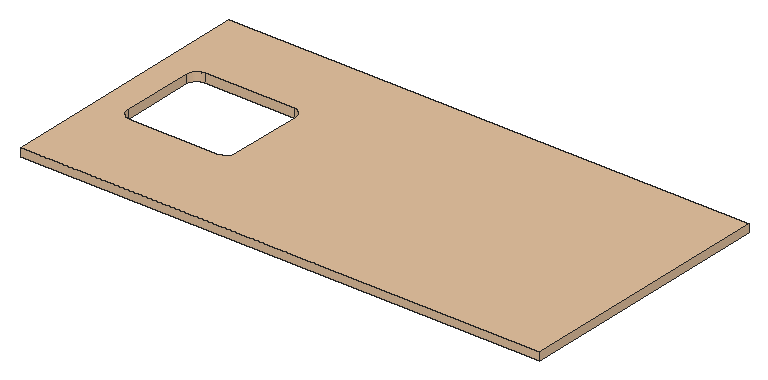
Revit family "Counter Top-Island w Sink Hole (NZ)", category 케이스워크, Revit 2026
Family settings
  작업 기준면 기반 = 아니오
  항상 수직 = 예
  로드될 때 보이드를 사용하여 절단 = 아니오
  공유 = 예
  룸 계산 점 = 아니오
Parameters (values of type "1200mm Depth")
  기본 높이 = 0 mm
  Counter Thickness = 40 mm
  Counter Top Material = none
  Depth [instance] = 1250 mm
  Height [instance] = 900 mm
  Length [instance] = 2500 mm
  Sink Location [instance] = 400 mm
  Sink Location To Edge = 600 mm
  Sink Opening Depth [instance] = 454 mm
  Sink Opening Width [instance] = 528 mm
  Assembly Code = ""
Reference planes
  plane 1 "Back": y = 0
  plane 2: z = 0
  plane 3 "Left": x = -1200.462
  plane 4 "Right": x = 1299.538
  plane 5 "Front": y = -1224.6
  plane 6 "Top": z = 900
  plane 7: z = 860
  plane 8: z = 1001.6
  plane 9: x = -800.462
  plane 10: y = -347.6
  plane 11: x = -536.462
  plane 12: y = -801.6
  plane 13: x = -1064.462
  plane 14: y = 25.4
  plane 15: y = -1199.2
  plane 16: y = -574.6
Forms (mm)
  Extrusion 1, solid, material <- "Counter Top Material"
    sketch origin (0, 0, 0) x (1, 0, 0) y (0, 1, 0)
      loop
        line (-1200.462, 25.4) -> (-1200.462, -1224.6) -> (1299.538, -1224.6) -> (1299.538, 25.4) -> (-1200.462, 25.4)
    from 860 to 900
  Extrusion 2, void
    sketch origin (0, 0, 0) x (1, 0, 0) y (0, 1, 0)
      loop
        arc (-1013.662, -347.6) -> (-1049.583, -362.479) -> (-1064.462, -398.4) r 50.8
        line (-1064.462, -398.4) -> (-1064.462, -750.8)
        arc (-1064.462, -750.8) -> (-1049.583, -786.721) -> (-1013.662, -801.6) r 50.8
        line (-1013.662, -801.6) -> (-587.262, -801.6)
        arc (-587.262, -801.6) -> (-551.341, -786.721) -> (-536.462, -750.8) r 50.8
        line (-536.462, -750.8) -> (-536.462, -398.4)
        arc (-536.462, -398.4) -> (-551.341, -362.479) -> (-587.262, -347.6) r 50.8
        line (-587.262, -347.6) -> (-1013.662, -347.6)
    from 860 to 900
Cuts and joins
  Extrusion 2 cuts Extrusion 1
Lines and regions (mm)
  Masking region 1
    outline origin (0, 0, 0) x (1, 0, 0) y (0, 1, 0)
      loop
        line (-1200.462, -1224.6) -> (1299.538, -1224.6) -> (1299.538, 25.4) -> (-1200.462, 25.4) -> (-1200.462, -1224.6)
      loop
        line (-1064.462, -398.4) -> (-1064.462, -750.8)
        arc (-1064.462, -750.8) -> (-1049.583, -786.721) -> (-1013.662, -801.6) r 50.8
        line (-1013.662, -801.6) -> (-587.262, -801.6)
        arc (-587.262, -801.6) -> (-551.341, -786.721) -> (-536.462, -750.8) r 50.8
        line (-536.462, -750.8) -> (-536.462, -398.4)
        arc (-536.462, -398.4) -> (-551.341, -362.479) -> (-587.262, -347.6) r 50.8
        line (-587.262, -347.6) -> (-1013.662, -347.6)
        arc (-1013.662, -347.6) -> (-1049.583, -362.479) -> (-1064.462, -398.4) r 50.8
Dimensions and locks
  "Length": plane 3 "Left" to plane 4 "Right"
  "Height": level to plane 6 "Top"
  "Counter Thickness": plane 7 to plane 6 "Top"
  plane 6 "Top" to plane 8 = 101.6 mm
  "Sink Opening Width": plane 13 to plane 11
  "Sink Opening Depth": plane 12 to plane 10
  "Sink Location": plane 3 "Left" to plane 9
  equal spacing: plane 13, plane 9, plane 11
  "Depth": plane 5 "Front" to plane 14
  locked: plane 1 "Back" to plane 14 at 25.4
  locked: plane 5 "Front" to plane 15 at 25.4
  "Sink Location To Edge": plane 16 to plane 14
  equal spacing: plane 12, plane 16, plane 10
  aligned and locked: plane 4 "Right" to Extrusion 1 sketch curve
  aligned and locked: Extrusion 1 sketch curve to plane 3 "Left"
  aligned and locked: Extrusion 1 to plane 6 "Top"
  aligned and locked: plane 7 to Extrusion 1
  aligned and locked: plane 10 to Extrusion 2 sketch curve
  aligned and locked: plane 11 to Extrusion 2 sketch curve
  aligned and locked: Extrusion 2 sketch curve to plane 13
  aligned and locked: Extrusion 2 sketch curve to plane 12
  aligned and locked: Extrusion 2 to plane 6 "Top"
  aligned and locked: Extrusion 1 to Extrusion 2
  aligned and locked: plane 14 to Extrusion 1 sketch curve
  aligned and locked: Extrusion 1 sketch curve to plane 5 "Front"
Automatic sketch dimensions
  Extrusion 2 sketch curve to plane 13 = 50.8 mm
  Extrusion 2 sketch curve to Extrusion 2 sketch curve = 50.8 mm  (x2)
  plane 11 to Extrusion 2 sketch curve = 50.8 mm
  Masking region 1 sketch curve to plane 3 "Left" = 0 mm
  Masking region 1 sketch curve to plane 4 "Right" = 0 mm
  Masking region 1 sketch curve to plane 5 "Front" = 0 mm
  Masking region 1 sketch curve to plane 14 = 0 mm
  Masking region 1 sketch curve to plane 13 = 50.8 mm
  plane 11 to Masking region 1 sketch curve = 50.8 mm
  Masking region 1 sketch curve to plane 12 = 50.8 mm  (x2)
  Masking region 1 sketch curve to plane 13 = 0 mm
  Masking region 1 sketch curve to plane 10 = 0 mm
  Masking region 1 sketch curve to plane 11 = 0 mm
  Masking region 1 sketch curve to plane 12 = 0 mm
